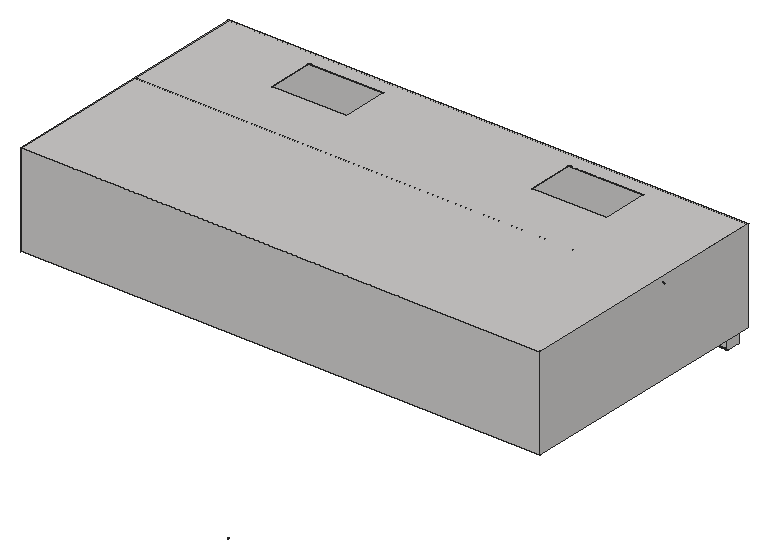
Revit family "QF_ELECTROLUXPROFESSIONAL_642011_EP1428T", category Attrezzature speciali, Revit 2021
Family settings
  Quota connettore circolare = Usa diametro
  Tipo di parte = Normale
  Basato su piano di lavoro = No
  Sempre verticale = Sì
  Taglio con vuoti quando caricato = No
  Condiviso = No
  Punto di calcolo locali = No
Parameters (values of type "Standard")
  Weight = 76.00 kg
  Watts = 0 W
  Volts = 0 V
  URL Manufacturer = "https://www.electroluxprofessional.com/"
  URL = "https://www.electroluxprofessional.com/"
  Steam Supply Size = 0 mm
  Steam Supply Minimum Pressure = 0.0 Pa
  Steam Supply Maximum Pressure = 0.0 Pa
  Steam Consumption per Hour = 0
  Refrigeration Suction Line Size = 0 mm
  Refrigeration Liquid Line Size = 0 mm
  Refrigerant Compressor Remote = yes
  Prospetto di default = 0 mm
  Produttore = "Electrolux Professional"
  Phase = 0
  Modello = "EP1428T"
  Length Actual = 2800 mm  # constant formula
  Item Number = "642011"
  Hot Water Size = 0 mm
  Height Actual = 500 mm  # constant formula
  HP = "0 HP"
  Gas Size = 0 mm
  Gas KW = 0
  Gas Input Pressure = 0 W
  Direct Waste Size = 0 mm
  Descrizione = "304 S/S WALL HOOD+FILTERS 2800X1400MM"
  Depth Actual = 1400 mm  # constant formula
  Cycle = 0 Hz
  Condensate Return Size = 0 mm
  Compressed Air Volume = 0.0 L/s
  Compressed Air Size = 0 mm
  Compressed Air Pressure = 0.0 Pa
  Cold Water Size = 0 mm
  Accessory = yes
Reference planes
  plane 1: z = 0
  plane 2 "Center (Left/Right)": x = 150
  plane 3 "LEFT": x = -1250
  plane 4 "RIGHT": x = 1550
  plane 5 "BACK": y = 550
  plane 6 "TOP": z = 2500
  plane 7 "Base": z = 2000
  plane 8: z = 1926
  plane 9 "DrainY": y = 485
  plane 10: x = -1247
  plane 11: through (0, 414.509, 2000.8) normal (0, 0.7314, 0.682)
  plane 12: y = 470
  plane 13: y = 220
  plane 14 "DrainX": x = 1430
  plane 15: x = -350
  plane 16: x = 650
  plane 17: x = -750
  plane 18: x = 1050
  plane 19: x = 1547
  plane 20: x = 1340
  plane 21: x = 1520
  plane 22: x = -1210
  plane 23: x = -845
  plane 24: x = -450
  plane 25: x = 1510
  plane 26: x = 1145
  plane 27: x = 750
  plane 28: y = -150
  plane 29: y = -850
Forms (mm)
  Extrusion 1, solid, material "QF_Finishes_Stainless Steel"
    sketch origin (-1250, 0, 360) x (0, 1, 0) y (0, 0, 1)
      loop
        line (550, 1640) -> (550, 2140) -> (-850, 2140) -> (-850, 1640) -> (550, 1640)
    from 0 to 3
  Extrusion 2, solid, material "QF_Finishes_Stainless Steel"
    sketch origin (150, 0, 360) x (0, 1, 0) y (0, 0, 1)
      loop
        line (415.255, 1640) -> (550, 1640) -> (550, 2139.19) -> (549.2, 2139.19) -> (549.2, 1640.8) -> (415.876, 1640.8) -> (339.347, 1722.867) -> (349.609, 1732.436) -> (348.927, 1733.167) -> (337.934, 1722.917) -> (415.255, 1640)
      loop
        line (-82.203, 2139.19) -> (-82.203, 2118.6) -> (-31.047, 2118.6) -> (34.354, 2048.466) -> (46.028, 2059.352) -> (45.346, 2060.083) -> (34.403, 2049.879) -> (-30.612, 2119.6) -> (-81.203, 2119.6) -> (-81.203, 2139.19) -> (-82.203, 2139.19)
    from -1397 to 1397
  Extrusion 3, solid, material "QF_Finishes_Stainless Steel"
    sketch origin (1550, 0, 360) x (0, 1, 0) y (0, 0, 1)
      loop
        line (550, 1640) -> (550, 2140) -> (-850, 2140) -> (-850, 1640) -> (550, 1640)
    from 0 to -3
  Extrusion 4, solid, material "QF_Finishes_Stainless Steel"
    sketch origin (150, 0, 360) x (0, 1, 0) y (0, 0, 1)
      loop
        line (-850, 2140) -> (-850, 1640) -> (-849.2, 1640) -> (-849.2, 2139.19) -> (550, 2139.19) -> (550, 2140) -> (-850, 2140)
    from -1400 to 1400
  Extrusion 5, solid, material "QF_Finishes_Stainless Steel"
    sketch origin (150, 0, 360) x (0, 1, 0) y (0, 0, 1)
      loop
        line (534, 1640) -> (436, 1640) -> (436, 1627) -> (443.5, 1627) -> (443.5, 1576)
        arc (443.5, 1576) -> (446.429, 1568.929) -> (453.5, 1566) r 10
        line (453.5, 1566) -> (516.5, 1566)
        arc (516.5, 1566) -> (523.571, 1568.929) -> (526.5, 1576) r 10
        line (526.5, 1576) -> (526.5, 1627) -> (534, 1627) -> (534, 1640)
    from 1190 to 1370
  Extrusion 6, solid, material "QF_Finishes_Stainless Steel"
    sketch origin (0, 0, 2000) x (0, 1, 0) y (-1, 0, 0)
      loop
        circle (485, -1430) r 20
    from -76 to -74
  Extrusion 7, solid, material "QF_Finished_Chrome"
    sketch origin (150, 0, 360) x (0, 1, 0) y (0, 0, 1)
      loop
        line (337.934, 1722.917) -> (341.591, 1726.327) -> (38.011, 2051.876) -> (34.354, 2048.466) -> (337.934, 1722.917)
    from -995 to -1360
  Extrusion 8, solid, material "QF_Finished_Chrome"
    sketch origin (150, 0, 360) x (0, 1, 0) y (0, 0, 1)
      loop
        line (337.934, 1722.917) -> (341.591, 1726.327) -> (38.011, 2051.876) -> (34.354, 2048.466) -> (337.934, 1722.917)
    from 600 to -600
  Extrusion 9, solid, material "QF_Finishes_Stainless Steel"
    sketch origin (150, 0, 360) x (0, 1, 0) y (0, 0, 1)
      loop
        line (337.934, 1722.917) -> (341.591, 1726.327) -> (38.011, 2051.876) -> (34.354, 2048.466) -> (337.934, 1722.917)
    from 1397 to 1360
  Extrusion 10, solid, material "QF_Finishes_Stainless Steel"
    sketch origin (150, 0, 360) x (0, 1, 0) y (0, 0, 1)
      loop
        line (341.588, 1726.324) -> (38.009, 2051.874) -> (34.354, 2048.466) -> (337.934, 1722.917) -> (341.588, 1726.324)
    from -995 to -600
  Extrusion 11, solid, material "QF_Finished_Chrome"
    sketch origin (150, 0, 360) x (0, 1, 0) y (0, 0, 1)
      loop
        line (341.588, 1726.324) -> (38.009, 2051.874) -> (34.354, 2048.466) -> (337.934, 1722.917) -> (341.588, 1726.324)
    from 995 to 1360
  Extrusion 12, void
    sketch origin (0, 0, 2500) x (0, 1, 0) y (-1, 0, 0)
      loop
        line (470, 750) -> (220, 750) -> (220, 350) -> (470, 350) -> (470, 750)
    from 0 to -10
  Extrusion 13, void
    sketch origin (940, 0, 2500) x (0, 1, 0) y (-1, 0, 0)
      loop
        line (470, 290) -> (220, 290) -> (220, -110) -> (470, -110) -> (470, 290)
    from 0 to -10
  Extrusion 14, solid, material "QF_Finishes_Stainless Steel"
    sketch origin (0, 0, 0) x (1, 0, 0) y (0, 1, 0)
      loop
        line (-1250, 550) -> (-1250, 549) -> (-1249, 549) -> (-1249, 550) -> (-1250, 550)
    from 0 to 1
  Extrusion 15, solid, material "QF_Finishes_Stainless Steel"
    sketch origin (150, 0, 360) x (0, 1, 0) y (0, 0, 1)
      loop
        line (337.934, 1722.917) -> (341.591, 1726.327) -> (38.011, 2051.876) -> (34.354, 2048.466) -> (337.934, 1722.917)
    from -1360 to -1397
  Extrusion 16, solid, material "QF_Finishes_Stainless Steel"
    sketch origin (150, 0, 360) x (0, 1, 0) y (0, 0, -1)
      loop
        line (341.588, -1726.324) -> (337.934, -1722.917) -> (34.354, -2048.466) -> (38.009, -2051.874) -> (341.588, -1726.324)
    from -995 to -600
Cuts and joins
  Extrusion 12, Extrusion 13 cuts Extrusion 4
  joined: Extrusion 2, Extrusion 4
Lines and regions (mm)
  reference lines
    curve 1: line (150, 34.354, 2408.466) -> (150, 34.354, 2248.466)
  symbolic lines, style "SpecialityEquipment", detail levels coarse
    curve 2: line (1550, 550, 2500) -> (-1250, 550, 2500)
    curve 3: line (-1250, 550, 2500) -> (-1250, -850, 2500)
    curve 4: line (1550, -850, 2500) -> (1550, 550, 2500)
    curve 5: line (-1250, -850, 2500) -> (1550, -850, 2500)
    curve 6: line (-750, 220, 2500) -> (-350, 220, 2500)
    curve 7: line (-750, 470, 2500) -> (-750, 220, 2500)
    curve 8: line (-350, 470, 2500) -> (-750, 470, 2500)
    curve 9: line (-350, 220, 2500) -> (-350, 470, 2500)
    curve 10: line (650, 470, 2500) -> (650, 220, 2500)
    curve 11: line (650, 220, 2500) -> (1050, 220, 2500)
    curve 12: line (1050, 470, 2500) -> (650, 470, 2500)
    curve 13: line (1050, 220, 2500) -> (1050, 470, 2500)
    curve 14: line (-1250, 550, 0) -> (1550, -850, 0)
    curve 15: line (1550, 550, 0) -> (-1250, -850, 0)
Dimensions and locks
  plane 3 "LEFT" to plane 4 "RIGHT" = 2800 mm
  equal spacing: plane 3 "LEFT", plane 2 "Center (Left/Right)", plane 4 "RIGHT"
  plane 7 "Base" to plane 8 = 74 mm
  plane 5 "BACK" to plane 9 "DrainY" = 65 mm  (x2)
  plane 3 "LEFT" to plane 10 = 3 mm
  plane 5 "BACK" to plane 12 = 80 mm
  plane 12 to plane 13 = 250 mm  (x2)
  plane 14 "DrainX" to plane 4 "RIGHT" = 120 mm
  locked: plane 15 to plane 16 at 1000
  equal spacing: plane 15, plane 2 "Center (Left/Right)", plane 16
  plane 17 to plane 15 = 400 mm
  plane 16 to plane 18 = 400 mm
  plane 19 to plane 4 "RIGHT" = 3 mm
  locked: plane 20 to plane 14 "DrainX" at 90
  locked: plane 14 "DrainX" to plane 21 at 90
  plane 12 to plane 5 "BACK" = 80 mm
  locked: plane 3 "LEFT" to plane 22 at 40
  locked: plane 22 to plane 23 at 365
  locked: plane 23 to plane 24 at 395
  locked: plane 25 to plane 26 at 365
  locked: plane 26 to plane 27 at 395
  locked: plane 25 to plane 4 "RIGHT" at 40
  plane 24 to plane 27 = 1200 mm
  locked: plane 7 "Base" to level at 2000
  locked: plane 6 "TOP" to plane 7 "Base" at 500
  plane 5 "BACK" to plane 29 = 1400 mm  (x2)
  equal spacing: plane 5 "BACK", plane 28, plane 29
  aligned and locked: level to plane 1
  aligned and locked: Extrusion 2 to Extrusion 1
  aligned and locked: Extrusion 2 to Extrusion 3
  aligned and locked: plane 4 "RIGHT" to Extrusion 4
  aligned and locked: Extrusion 4 to plane 3 "LEFT"
  aligned and locked: plane 19 to Extrusion 9
  aligned and locked: plane 17 to Extrusion 12
  aligned and locked: Extrusion 12 to plane 15
  aligned and locked: Extrusion 12 to plane 13
  aligned and locked: Extrusion 12 to plane 12
  aligned and locked: Extrusion 13 to plane 18
  aligned and locked: plane 16 to Extrusion 13
  aligned and locked: Extrusion 2 to Extrusion 4
  aligned and locked: plane 21 to Extrusion 5
  aligned and locked: Extrusion 5 to plane 20
  aligned and locked: Extrusion 9 to plane 25
  aligned and locked: Extrusion 11 to plane 25
  aligned and locked: Extrusion 11 to plane 26
  aligned and locked: Extrusion 8 to plane 27
  aligned and locked: Extrusion 8 to plane 24
  aligned and locked: plane 24 to Extrusion 10
  aligned and locked: Extrusion 10 to plane 23
  aligned and locked: plane 23 to Extrusion 7
  aligned and locked: Extrusion 7 to plane 22
  aligned and locked: Extrusion 15 to plane 10
  aligned and locked: plane 22 to Extrusion 15
  aligned and locked: Extrusion 16 to plane 27
  aligned and locked: Extrusion 16 to plane 26
  aligned and locked: Extrusion 3 to plane 19
Automatic sketch dimensions
  curve 5 to plane 3 "LEFT" = 0 mm
  curve 9 to plane 13 = 0 mm
  curve 10 to plane 13 = 0 mm
  plane 12 to curve 8 = 0 mm
  plane 12 to curve 12 = 0 mm
  curve 3 to plane 5 "BACK" = 0 mm
  curve 5 to plane 4 "RIGHT" = 0 mm
  curve 11 to plane 18 = 0 mm
  curve 10 to plane 16 = 0 mm
  curve 6 to plane 15 = 0 mm
  curve 6 to plane 17 = 0 mm
  Extrusion 1 sketch curve to plane 7 "Base" = 0 mm
  Extrusion 1 sketch curve to plane 5 "BACK" = 0 mm
  Extrusion 1 sketch curve to plane 6 "TOP" = 0 mm
  Extrusion 2 sketch curve to plane 11 = 0 mm  (x3)
  Extrusion 2 sketch curve to plane 7 "Base" = 0 mm
  plane 11 to Extrusion 2 sketch curve = 0 mm
  Extrusion 2 sketch curve to plane 5 "BACK" = 0 mm
  Extrusion 2 sketch curve to Extrusion 2 sketch curve = 65.646 mm
  Extrusion 2 sketch curve to Extrusion 2 sketch curve = 0.682 mm  (x2)
  Extrusion 2 sketch curve to Extrusion 2 sketch curve = 10.261 mm
  plane 7 "Base" to Extrusion 2 sketch curve = 82.917 mm
  Extrusion 2 sketch curve to Extrusion 2 sketch curve = 10.942 mm
  Extrusion 2 sketch curve to Extrusion 2 sketch curve = 0.049 mm
  Extrusion 2 sketch curve to plane 6 "TOP" = 20.4 mm
  Extrusion 2 sketch curve to plane 6 "TOP" = 21.4 mm
  Extrusion 2 sketch curve to plane 6 "TOP" = 0.81 mm  (x2)
  Extrusion 2 sketch curve to Extrusion 2 sketch curve = 50.156 mm
  Extrusion 2 sketch curve to Extrusion 2 sketch curve = 1 mm
  plane 7 "Base" to Extrusion 2 sketch curve = 0.8 mm
  Extrusion 2 sketch curve to plane 5 "BACK" = 0.8 mm
  Extrusion 3 sketch curve to plane 7 "Base" = 0 mm
  Extrusion 3 sketch curve to plane 5 "BACK" = 0 mm
  Extrusion 3 sketch curve to plane 6 "TOP" = 0 mm
  Extrusion 4 sketch curve to plane 5 "BACK" = 0 mm
  Extrusion 4 sketch curve to plane 6 "TOP" = 0 mm
  Extrusion 4 sketch curve to plane 6 "TOP" = 0.81 mm
  curve 1 to plane 11 = 0 mm
  Extrusion 5 sketch curve to plane 7 "Base" = 0 mm
  Extrusion 5 sketch curve to plane 8 = 0 mm
  Extrusion 5 sketch curve to plane 7 "Base" = 13 mm  (x2)
  plane 12 to Extrusion 5 sketch curve = 34 mm
  Extrusion 5 sketch curve to Extrusion 5 sketch curve = 7.5 mm  (x2)
  Extrusion 5 sketch curve to Extrusion 5 sketch curve = 10 mm
  plane 9 "DrainY" to Extrusion 5 sketch curve = 31.5 mm
  Extrusion 5 sketch curve to plane 5 "BACK" = 23.5 mm
  Extrusion 6 sketch curve to plane 9 "DrainY" = 0 mm
  Extrusion 6 sketch curve to plane 14 "DrainX" = 0 mm
  Extrusion 7 sketch curve to plane 11 = 0 mm  (x2)
  Extrusion 7 sketch curve to Extrusion 7 sketch curve = 3.657 mm
  plane 7 "Base" to Extrusion 7 sketch curve = 82.917 mm
  Extrusion 8 sketch curve to plane 11 = 0 mm  (x2)
  Extrusion 8 sketch curve to Extrusion 8 sketch curve = 3.657 mm
  plane 7 "Base" to Extrusion 8 sketch curve = 82.917 mm
  Extrusion 9 sketch curve to plane 11 = 0 mm  (x2)
  Extrusion 9 sketch curve to Extrusion 9 sketch curve = 3.657 mm
  plane 7 "Base" to Extrusion 9 sketch curve = 82.917 mm
  Extrusion 10 sketch curve to plane 11 = 0 mm  (x2)
  Extrusion 10 sketch curve to Extrusion 10 sketch curve = 3.655 mm
  plane 7 "Base" to Extrusion 10 sketch curve = 82.917 mm
  Extrusion 11 sketch curve to plane 11 = 0 mm  (x2)
  Extrusion 11 sketch curve to Extrusion 11 sketch curve = 3.655 mm
  plane 7 "Base" to Extrusion 11 sketch curve = 82.917 mm
  Extrusion 12 sketch curve to plane 13 = 0 mm
  plane 12 to Extrusion 12 sketch curve = 0 mm
  Extrusion 12 sketch curve to plane 15 = 0 mm
  Extrusion 12 sketch curve to plane 17 = 0 mm
  Extrusion 13 sketch curve to plane 13 = 0 mm
  plane 12 to Extrusion 13 sketch curve = 0 mm
  Extrusion 13 sketch curve to plane 18 = 0 mm
  Extrusion 13 sketch curve to plane 16 = 0 mm
  Extrusion 14 sketch curve to plane 3 "LEFT" = 0 mm
  Extrusion 14 sketch curve to plane 5 "BACK" = 0 mm
  plane 3 "LEFT" to Extrusion 14 sketch curve = 1 mm
  Extrusion 14 sketch curve to plane 5 "BACK" = 1 mm
  Extrusion 15 sketch curve to plane 11 = 0 mm  (x2)
  Extrusion 15 sketch curve to Extrusion 15 sketch curve = 3.657 mm
  plane 7 "Base" to Extrusion 15 sketch curve = 82.917 mm
  Extrusion 16 sketch curve to plane 11 = 0 mm  (x2)
  Extrusion 16 sketch curve to Extrusion 16 sketch curve = 3.655 mm
  plane 7 "Base" to Extrusion 16 sketch curve = 82.917 mm
  Extrusion 4 sketch curve to Extrusion 4 sketch curve = 499.19 mm
  curve 1 to curve 1 = 160 mm
  Extrusion 4 sketch curve to Extrusion 4 sketch curve = 0.8 mm
  curve 5 to plane 13 = 1070 mm
  Extrusion 1 sketch curve to plane 13 = 1070 mm
  Extrusion 2 sketch curve to plane 6 "TOP" = 91.534 mm
  Extrusion 3 sketch curve to plane 13 = 1070 mm
  Extrusion 4 sketch curve to plane 13 = 1069.2 mm
  curve 1 to plane 13 = 185.646 mm
  Extrusion 7 sketch curve to plane 6 "TOP" = 88.124 mm
  Extrusion 8 sketch curve to plane 6 "TOP" = 88.124 mm
  Extrusion 9 sketch curve to plane 6 "TOP" = 88.124 mm
  Extrusion 10 sketch curve to plane 6 "TOP" = 88.126 mm
  Extrusion 11 sketch curve to plane 6 "TOP" = 88.126 mm
  Extrusion 15 sketch curve to plane 6 "TOP" = 88.124 mm
  Extrusion 16 sketch curve to plane 6 "TOP" = 88.126 mm
  curve 15 to plane 3 "LEFT" = 0 mm
  curve 14 to plane 3 "LEFT" = 0 mm
  curve 15 to plane 4 "RIGHT" = 0 mm
  curve 14 to plane 4 "RIGHT" = 0 mm
  plane 29 to curve 14 = 0 mm
  plane 29 to curve 15 = 0 mm
  curve 15 to plane 5 "BACK" = 0 mm
  curve 14 to plane 5 "BACK" = 0 mm
  radius of Extrusion 6 sketch curve = 20 mm
Connectors
  piping at (1430, 485, 1924), diameter 20
    settings: on Extrusion 6, index 1, connector inside diameter 609.6 mm, connector length 0 mm, flow factor 0, pipe flow 0.0 L/s, pressure drop 0.0 Pa, fitting loss kfactor 0, connector angle 0.00°, fixture units 0, engagement length 0 mm, angle of deflection 0.00°, flow configuration 1, flow direction 2, fitting loss method 0, system type 16, joint type 0, gender type 0, connector reference index -1, connector utility 0, adjustable connector no, is connector primary yes, connector description "Drain"
  hvac at (-550, 345, 2500)
    settings: on Extrusion 12, index 2, duct flow 0.0 L/s, flow factor 0, pres drop 0.0 Pa, loss coef 0, conn angle 0.00°, conn width 250 mm, conn height 400 mm, conn diameter 609.6 mm, duct sys type 3, conn prof type 1, flow config 1, flow direction 0, loss method 0, conn ref index -1, conn util no, is conn primary yes, conn desc "EXHAUST OUTLET"
  hvac at (850, 345, 2500)
    settings: on Extrusion 13, index 3, duct flow 0.0 L/s, flow factor 0, pres drop 0.0 Pa, loss coef 0, conn angle 0.00°, conn width 250 mm, conn height 400 mm, conn diameter 609.6 mm, duct sys type 3, conn prof type 1, flow config 1, flow direction 0, loss method 0, conn ref index -1, conn util no, is conn primary no, conn desc "EXHAUST OUTLET"
